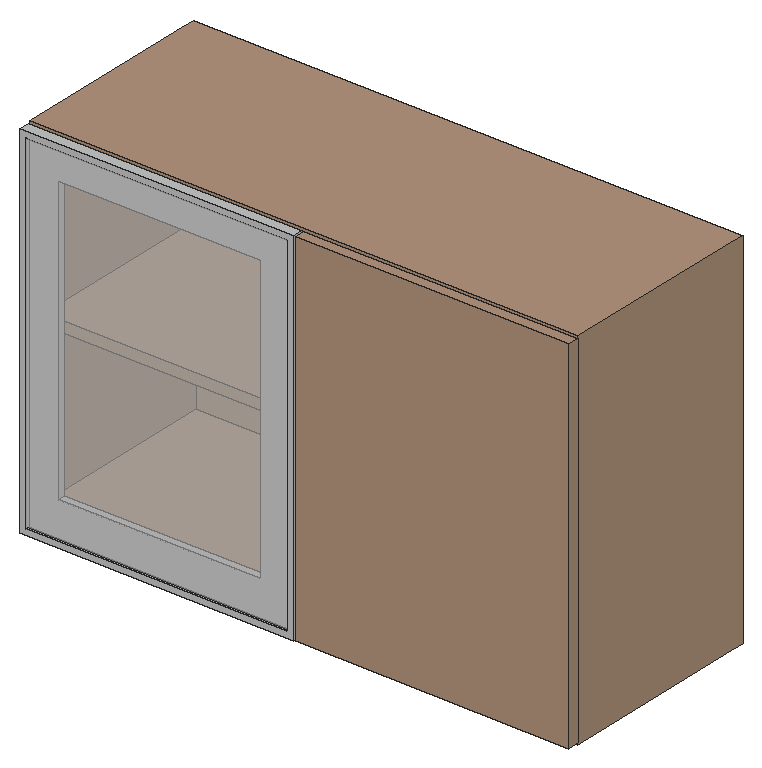
Revit family "Wall_Cabinets-Teknion-RHWCDG_Corner_Wall_Cabinet_with_Glass_Door-R2018", category Furniture, Revit 2018
Family settings
  OmniClass Number = 23.40.20.00
  OmniClass Title = General Furniture and Specialties
  Work Plane-Based = No
  Always vertical = Yes
  Cut with Voids When Loaded = No
  Shared = Yes
  Room Calculation Point = No
Parameters (values of type "15" Depth")
  Width [instance] = 36.000"
  Warranty = "http://www.teknion.com/ca/papers/legal-canada"
  Unit Weight URL = "http://www.teknion.com/ca/tools/assets#&asset=bee6a381-b954-425e-8283-5a2de3a804f2,f828d448-4b62-4231-9e5f-9a8991c0ed77"
  URL = "www.teknion.com"
  Two Shelf [instance] = Height = 36.000"  # no
  Top Height [instance] = if(Height = 36.000", 90.000", 84.000")  # 84.000"
  To render please download texture images found here [instance] = "https://assets.teknion.com/web/5e81352c1dfdb467/revit-material-swatches/"
  Sustainability Data = "https://www.teknion.com/ca/tools/assets#&topic=216f99a5-57a0-44fc-b10a-9dee9b29ae4c&asset=444deb64-fe58-4b68-981e-f75e97781df7,b4ff2d81-9f2e-437d-9659-7cffb09c31cf"
  Series = "Modular Cabinets"  # constant formula
  Product Page URL = "https://www.teknion.com/ca/products/product-details?productLineId=217e336e-8e7a-673b-a6c8-ff00004460c4"
  Product Line = "Modular Cabinets"  # constant formula
  Product Documentation Link = "https://www.teknion.com/pricing/modular-cabinets/pdfs/RHWCDG_ppg.pdf"
  Part Number = "RHWCDG"  # constant formula
  One Shelf [instance] = or(Height = 24.000", Height = 30.000")  # yes
  Model = "RHWCDG15_____"
  Manufacturer Phone = "416-661-3370"  # constant formula
  Manufacturer Fax = "416.661.4586"  # constant formula
  Manufacturer Contact Information = "http://www.teknion.com/ca/contactus"
  Manufacturer Address = "1150 Flint Road, Toronto, ON. M3J 2J5. Canada"  # constant formula
  Manufacturer = "Teknion"  # constant formula
  How To Use Teknion Materials User Guide [instance] = "https://assets.teknion.com/m/205dd0a49fa58060/original/How-to-add-a-Material-Library-and-Texture-Images-to-your-Revit-project.pdf"
  Height [instance] = 24.000"
  Glass Finish [instance] = Glass - Teknion - FT - Frosted Glass
  Frame Finish [instance] = Paint - Teknion - Mica - Platinum
  For Additional Finishes please visit [instance] = "https://assets.teknion.com/m/44a8009b046e5d47/original/Teknion_Materials_Library.zip"
  Fixed Panel Finish [instance] = Source Laminate - Teknion - 3M - Provincial Oak
  Double Door Swing Arc Radius [instance] = Width / 2  # 18.000"
  Description = "Corner Wall Cabinet with Glass Door, 15\" Depth"
  Depth = 15.000"
  Case and Shelf Finish [instance] = Source Laminate - Teknion - 3M - Provincial Oak
  Available Widths [instance] = "24, 27, 30, 33,and 36 Inches"  # constant formula
  Available Heights [instance] = "24, 30, and 36 Inches"  # constant formula
  Assembly Code = "E2020200"
Types (3): name | Model | Description | Depth
  (no name) | "RHWCDG15_____" | "Corner Wall Cabinet with Glass Door, 15\" Depth" | 15.000"
  12" Depth | "RHWCDG12_____" | "Corner Wall Cabinet with Glass Door, 12\" Depth" | 12.000"
  15" Depth | "RHWCDG15_____" | "Corner Wall Cabinet with Glass Door, 15\" Depth" | 15.000"
Reference planes (in)
  plane 1 "Center Front/Back": y = 0
  plane 2: z = 0
  plane 3 "Center Left/Right": x = 0
  plane 4 "Left": x = -18
  plane 5 "Right": x = 18
  plane 6 "Back": y = 7.5
  plane 7 "Front": y = -7.5
  plane 8 "Top": z = 84
  plane 9: y = -5.97244
  plane 10: z = 60
  plane 11: z = 61.70079
  plane 12: z = 72.85039
  plane 13: z = 76.56693
  plane 14: z = 69.13386
Forms (in)
  Sweep 1, solid, material "Source Laminate - Teknion - 3M - Provincial Oak" <- "Case and Shelf Finish"
    path origin (0, 0, 0) x (1, 0, 0) y (0, 1, 0)
      loop
        line (0, -5.97244) -> (0, 7.5)
    profile origin (0, 0.76378, 0) x (-1, 0, 0) y (0, 0, 1)
      loop
        line (18, 84) -> (-18, 84) -> (-18, 60) -> (18, 60) -> (18, 84)
      loop
        line (17.29921, 83.29921) -> (-17.29921, 83.29921) -> (-17.29921, 61.70079) -> (17.29921, 61.70079) -> (17.29921, 83.29921)
  Sweep 2, void
    path origin (0, 0, 0) x (1, 0, 0) y (0, 0, 1)
      loop
        line (0, 60) -> (0, 60.96457)
    profile origin (0, 0, 60.48228) x (-1, 0, 0) y (0, -1, 0)
      loop
        line (17.29921, 1.97244) -> (-17.29921, 1.97244) -> (-17.29921, -6.799) -> (17.29921, -6.799) -> (17.29921, 1.97244)
  Sweep 3, solid, material "Source Laminate - Teknion - 3M - Provincial Oak" <- "Case and Shelf Finish"
    path origin (0, 0, 0) x (1, 0, 0) y (0, 1, 0)
      loop
        line (0, 6.799) -> (0, 7.5)
    profile origin (0, 7.1495, 0) x (-1, 0, 0) y (0, 0, 1)
      loop
        line (18, 84) -> (-18, 84) -> (-18, 60) -> (18, 60) -> (18, 84)
  Sweep 4, solid, material "Source Laminate - Teknion - 3M - Provincial Oak" <- "Case and Shelf Finish", visible <- "One Shelf"
    path origin (0, 0, 0) x (1, 0, 0) y (0, 1, 0)
      loop
        line (0, -5.73622) -> (0, 6.799)
    profile origin (0, 0.53139, 0) x (-1, 0, 0) y (0, 0, 1)
      loop
        line (17.29921, 72.14961) -> (17.29921, 72.85039) -> (-17.29921, 72.85039) -> (-17.29921, 72.14961) -> (17.29921, 72.14961)
  Sweep 5, solid, material "Paint - Teknion - Mica - Platinum" <- "Frame Finish"
    path origin (0, 0, 0) x (1, 0, 0) y (0, 1, 0)
      loop
        line (0, -6.75197) -> (0, -6.05118)
    profile origin (0, -6.40157, 0) x (-1, 0, 0) y (0, 0, 1)
      loop
        line (18, 83.88189) -> (0.05906, 83.88189) -> (0.05906, 60.118) -> (18, 60.118) -> (18, 83.88189)
  Sweep 6, void
    path origin (0, 0, 0) x (1, 0, 0) y (0, 1, 0)
      loop
        line (0, -6.75197) -> (0, -5.97244)
    profile origin (0, -6.3622, 0) x (-1, 0, 0) y (0, 0, 1)
      loop
        line (15.672, 81.55389) -> (2.38706, 81.55389) -> (2.38706, 62.82) -> (15.672, 62.82) -> (15.672, 81.55389)
  Sweep 7, solid, material "Source Laminate - Teknion - 3M - Provincial Oak" <- "Fixed Panel Finish"
    path origin (0, 0, 0) x (1, 0, 0) y (0, 1, 0)
      loop
        line (0, -6.75197) -> (0, -6.05118)
    profile origin (0, -6.40157, 0) x (-1, 0, 0) y (0, 0, 1)
      loop
        line (-18, 83.88189) -> (-18, 60.118) -> (-0.05906, 60.118) -> (-0.05906, 83.88189) -> (-18, 83.88189)
  Sweep 8, solid, material "Source Laminate - Teknion - 3M - Provincial Oak" <- "Case and Shelf Finish", visible <- "Two Shelf"
    path origin (0, 0, 0) x (1, 0, 0) y (0, 1, 0)
      loop
        line (0, -5.73622) -> (0, 6.799)
    profile origin (0, 0.53139, 0) x (-1, 0, 0) y (0, 0, 1)
      loop
        line (17.29921, 69.13386) -> (-17.29921, 69.13386) -> (-17.29921, 68.43307) -> (17.29921, 68.43307) -> (17.29921, 69.13386)
      loop
        line (17.29921, 76.56693) -> (-17.29921, 76.56693) -> (-17.29921, 75.86614) -> (17.29921, 75.86614) -> (17.29921, 76.56693)
  Sweep 9, void
    path origin (0, 0, 0) x (1, 0, 0) y (0, 1, 0)
      loop
        line (0, -6.75197) -> (0, -6.51597)
    profile origin (0, -6.63397, 0) x (-1, 0, 0) y (0, 0, 1)
      loop
        line (17.626, 83.50789) -> (0.43306, 83.50789) -> (0.43306, 60.492) -> (17.626, 60.492) -> (17.626, 83.50789)
  Sweep 10, solid, material "Glass - Teknion - FT - Frosted Glass" <- "Glass Finish"
    path origin (0, 0, 0) x (1, 0, 0) y (0, 1, 0)
      loop
        line (0, -6.63397) -> (0, -6.51597)
    profile origin (0, -6.57497, 0) x (-1, 0, 0) y (0, 0, 1)
      loop
        line (17.626, 60.492) -> (17.626, 83.50789) -> (0.43306, 83.50789) -> (0.43306, 60.492) -> (17.626, 60.492)
Cuts and joins
  Sweep 2 cuts Sweep 1
  joined: Sweep 1, Sweep 3
  Sweep 6, Sweep 9 cuts Sweep 5
Lines and regions (in)
  Masking region 1
    outline origin (0, 0, 0) x (1, 0, 0) y (0, 1, 0)
      loop
        line (-18, 7.5) -> (-18, -5.97244) -> (18, -5.97244) -> (18, 7.5) -> (-18, 7.5)
  Masking region 2
    outline origin (0, 0, 0) x (1, 0, 0) y (0, 1, 0)
      loop
        line (-18, -6.05118) -> (-18, -6.75197) -> (-0.05906, -6.75197) -> (-0.05906, -6.05118) -> (-18, -6.05118)
  Masking region 3
    outline origin (0, 0, 0) x (1, 0, 0) y (0, 1, 0)
      loop
        line (0.05906, -6.05118) -> (0.05906, -6.75197) -> (18, -6.75197) -> (18, -6.05118) -> (0.05906, -6.05118)
  reference lines
    curve 1: line (18, 7.5, 0) -> (18, -6.75197, 0)
    curve 2: line (-18, 7.5, 0) -> (18, 7.5, 0)
    curve 3: line (-18, 7.5, 0) -> (-18, -6.75197, 0)
    curve 15: line (-18, -6.75197, 0) -> (18, -6.75197, 0)
  symbolic lines, style "FurnitureHiddenLines", detail levels medium+fine
    curve 4: line (-17.29921, 6.799, 0) -> (-17.29921, -5.97244, 0)
    curve 5: line (17.29921, 6.799, 0) -> (-17.29921, 6.799, 0)
    curve 6: line (17.29921, 6.799, 0) -> (17.29921, -5.97244, 0)
    curve 8: line (17.29921, -5.73622, 0) -> (-17.29921, -5.73622, 0)
    curve 11: line (-17.626, -6.63397, 0) -> (-0.43306, -6.63397, 0)
    curve 12: line (-0.43306, -6.63397, 0) -> (-0.43306, -6.51597, 0)
    curve 13: line (-0.43306, -6.51597, 0) -> (-17.626, -6.51597, 0)
    curve 14: line (-17.626, -6.51597, 0) -> (-17.626, -6.63397, 0)
  symbolic lines, style "FurnitureHiddenLines", detail levels fine
    curve 7: line (-17.29921, -1.97244, 0) -> (17.29921, -1.97244, 0)
  symbolic lines, style "FurnitureHiddenLines"
    curve 9: line (-18, -7.5, 83.88189) -> (-0.05906, -7.5, 71.99994)
    curve 10: line (-0.05906, -7.5, 71.99994) -> (-18, -7.5, 60.118)
Dimensions and locks (in)
  "Width": plane 4 "Left" to plane 5 "Right"
  "Depth": plane 6 "Back" to plane 7 "Front"
  "Top Height": plane 8 "Top" to level
  equal spacing: plane 4 "Left", plane 3 "Center Left/Right", plane 5 "Right"
  equal spacing: plane 6 "Back", plane 1 "Center Front/Back", plane 7 "Front"
  locked: plane 7 "Front" to plane 9 at 1.52756
  "Height": plane 8 "Top" to plane 10
  locked: Sweep 1 sketch curve to plane 4 "Left" at 0.70079
  locked: plane 8 "Top" to Sweep 1 sketch curve at 0.70079
  locked: Sweep 1 sketch curve to plane 5 "Right" at 0.70079
  locked: Sweep 1 sketch curve to plane 10 at 1.70079
  locked: Sweep 2 sketch curve to plane 10 at 0.96457
  locked: plane 6 "Back" to Sweep 2 sketch curve at 0.701
  locked: plane 4 "Left" to Sweep 2 sketch curve at 0.70079
  locked: Sweep 2 sketch curve to plane 5 "Right" at 0.70079
  locked: plane 9 to Sweep 2 sketch curve at 4
  locked: Sweep 3 sketch curve to Sweep 3 sketch curve at 0.701
  plane 4 "Left" to plane 3 "Center Left/Right" = 18.000"
  plane 3 "Center Left/Right" to plane 5 "Right" = 18.000"
  locked: plane 6 "Back" to Sweep 4 sketch curve at 0.701
  locked: plane 7 "Front" to Sweep 4 sketch curve at 1.76378
  locked: plane 11 to plane 10 at 1.70079
  equal spacing: plane 8 "Top", plane 12, plane 11
  locked: plane 12 to Sweep 4 sketch curve at 0.70079
  locked: Sweep 4 sketch curve to plane 4 "Left" at 0.70079
  locked: Sweep 4 sketch curve to plane 5 "Right" at 0.70079
  equal spacing: plane 8 "Top", plane 13, plane 14, plane 11
  plane 9 to Sweep 5 sketch curve to Sweep 5 sketch curve = 0.07874" locked, 0.70079" locked
  locked: Sweep 5 sketch curve to plane 10 at 0.118
  locked: plane 8 "Top" to Sweep 5 sketch curve at 0.11811
  locked: plane 3 "Center Left/Right" to Sweep 5 sketch curve at 0.05906
  Sweep 6 sketch curve to plane 9 to Sweep 6 sketch curve = 0.77953" locked, 0.000" locked
  locked: nested 1 to plane 9 at 0.07874
  locked: plane 4 "Left" to Masking region 2 sketch curve at 0
  locked: Masking region 2 sketch curve to plane 3 "Center Left/Right" at 0.05906
  Masking region 2 sketch curve to Masking region 2 sketch curve to plane 9 = 0.70079" locked, 0.07874" locked
  plane 9 to Sweep 7 sketch curve to Sweep 7 sketch curve = 0.07874" locked, 0.70079" locked
  locked: Sweep 7 sketch curve to plane 3 "Center Left/Right" at 0.05906
  locked: plane 8 "Top" to Sweep 7 sketch curve at 0.11811
  locked: Sweep 7 sketch curve to plane 10 at 0.118
  locked: plane 3 "Center Left/Right" to Masking region 3 sketch curve at 0.05906
  Masking region 3 sketch curve to Masking region 3 sketch curve to plane 9 = 0.70079" locked, 0.07874" locked
  locked: plane 6 "Back" to Sweep 8 sketch curve at 0.701
  locked: plane 9 to Sweep 8 sketch curve at 0.23622
  locked: Sweep 8 sketch curve to plane 4 "Left" at 0.70079  (x2)
  locked: Sweep 8 sketch curve to plane 5 "Right" at 0.70079  (x2)
  locked: plane 13 to Sweep 8 sketch curve at 0.70079
  locked: plane 14 to Sweep 8 sketch curve at 0.70079
  Sweep 9 sketch curve to Sweep 9 sketch curve to plane 9 = 0.236" locked, 0.54353" locked
  locked: plane 8 "Top" to Sweep 9 sketch curve at 0.49211
  locked: plane 3 "Center Left/Right" to Sweep 9 sketch curve at 0.43306
  locked: Sweep 9 sketch curve to plane 4 "Left" at 0.374
  locked: Sweep 9 sketch curve to plane 10 at 0.492
  locked: Sweep 6 sketch curve to plane 4 "Left" at 2.328
  locked: plane 3 "Center Left/Right" to Sweep 6 sketch curve at 2.38706
  locked: Sweep 6 sketch curve to plane 10 at 2.82
  locked: plane 8 "Top" to Sweep 6 sketch curve at 2.44611
  Sweep 10 sketch curve to Sweep 10 sketch curve to plane 9 = 0.118" locked, 0.54353" locked
  locked: Sweep 10 sketch curve to plane 4 "Left" at 0.374
  locked: plane 8 "Top" to Sweep 10 sketch curve at 0.49211
  locked: plane 3 "Center Left/Right" to Sweep 10 sketch curve at 0.43306
  locked: Sweep 10 sketch curve to plane 10 at 0.492
  aligned and locked: level to plane 2
  aligned and locked: plane 6 "Back" to Sweep 1 sketch curve
  aligned and locked: plane 3 "Center Left/Right" to Sweep 1 sketch curve
  aligned and locked: plane 4 "Left" to Sweep 1 sketch curve
  aligned and locked: Sweep 1 sketch curve to plane 8 "Top"
  aligned and locked: plane 5 "Right" to Sweep 1 sketch curve
  aligned and locked: plane 10 to Sweep 1 sketch curve
  aligned and locked: plane 9 to Sweep 1 sketch curve
  aligned and locked: plane 10 to Sweep 2 sketch curve
  aligned and locked: plane 3 "Center Left/Right" to Sweep 2 sketch curve
  aligned and locked: plane 6 "Back" to Sweep 3 sketch curve
  aligned and locked: plane 3 "Center Left/Right" to Sweep 3 sketch curve
  aligned and locked: plane 4 "Left" to Sweep 3 sketch curve
  aligned and locked: Sweep 3 sketch curve to plane 8 "Top"
  aligned and locked: plane 5 "Right" to Sweep 3 sketch curve
  aligned and locked: plane 10 to Sweep 3 sketch curve
  aligned and locked: plane 3 "Center Left/Right" to Sweep 4 sketch curve
  aligned and locked: Sweep 4 sketch curve to plane 12
  aligned and locked: plane 3 "Center Left/Right" to Sweep 5 sketch curve
  aligned and locked: plane 4 "Left" to Sweep 5 sketch curve
  aligned and locked: plane 3 "Center Left/Right" to Sweep 6 sketch curve
  aligned and locked: plane 5 "Right" to curve 1
  aligned and locked: curve 2 to plane 6 "Back"
  aligned and locked: curve 3 to plane 4 "Left"
  aligned and locked: Masking region 1 sketch curve to plane 6 "Back"
  aligned and locked: plane 4 "Left" to Masking region 1 sketch curve
  aligned and locked: plane 5 "Right" to Masking region 1 sketch curve
  aligned and locked: Masking region 1 sketch curve to plane 9
  aligned and locked: curve 6 to cut or joined group of Sweep 1, Sweep 2, Sweep 3
  aligned and locked: curve 7 to cut or joined group of Sweep 1, Sweep 2, Sweep 3
  aligned and locked: nested 1 to plane 3 "Center Left/Right"
  aligned and locked: curve 8 to Sweep 4
  aligned and locked: plane 3 "Center Left/Right" to Sweep 7 sketch curve
  aligned and locked: Sweep 7 sketch curve to plane 5 "Right"
  aligned and locked: plane 5 "Right" to Masking region 3 sketch curve
  aligned and locked: plane 3 "Center Left/Right" to Sweep 8 sketch curve
  aligned and locked: Sweep 8 sketch curve to plane 13
  aligned and locked: Sweep 8 sketch curve to plane 14
  aligned and locked: plane 3 "Center Left/Right" to Sweep 9 sketch curve
  aligned and locked: plane 3 "Center Left/Right" to Sweep 10 sketch curve
  aligned and locked: curve 11 to Sweep 10
  aligned and locked: curve 12 to Sweep 10
  aligned and locked: curve 13 to Sweep 10
  aligned and locked: curve 14 to Sweep 10
  aligned and locked: curve 15 to Sweep 7
Automatic sketch dimensions
  plane 9 to curve 4 = 0.000"
  plane 9 to curve 6 = 0.000"
  plane 4 "Left" to curve 5 = 0.70079"
  curve 5 to plane 6 "Back" = 0.701"
  curve 10 to plane 4 "Left" = 0.000"
  curve 9 to plane 4 "Left" = 0.000"
  curve 10 to plane 10 = 0.118"
  plane 3 "Center Left/Right" to curve 10 = 0.05906"
  curve 10 to plane 12 = 0.85045"
  plane 8 "Top" to curve 9 = 0.11811"
  curve 1 to plane 7 "Front" = 0.74803"
Nested families (in)
  nested 1: "Door-Swing_Symbol-Teknion-2D" at (-9, -6.05118, 0), Swing Width <- "Double Door Swing Arc Radius", type "Standard", detail levels fine
    with Swing Width 18.000", Door Thickness 0.701"
Definition of nested family "Door-Swing_Symbol-Teknion-2D"
  Parameters (values of type "Standard")
    Swing Width [instance] = 26.000"
    Door Thickness [instance] = 2.000"
    Assembly Code = ""
  Reference planes (in)
    plane 1 "Center (Front/Back)": y = 0
    plane 2: z = 0
    plane 3 "Center (Left/Right)": x = 0
    plane 4: x = -13
    plane 5: x = 13
  Lines and regions (in)
    Masking region 1, in view "Ref. Level"
      outline origin (0, 0, 0) x (1, 0, 0) y (0, 1, 0)
        loop
          line (11, 0) -> (11, -26) -> (13, -26) -> (13, 0) -> (11, 0)
    detail lines, in view "Ref. Level"
      curve 1: line (13, 0, 0) -> (13, -26, 0)
      curve 2: arc (-13, 0, 0) -> (-5.38478, -18.38478, 0) -> (13, -26, 0) r 26
  Dimensions and locks (in)
    equal spacing: plane 4, plane 3 "Center (Left/Right)", plane 5
    "Swing Width": plane 4 to plane 5
    "Swing Width": curve 1 to plane 1 "Center (Front/Back)"
    "Swing Width": Masking region 1 sketch curve to Masking region 1 sketch curve
    "Door Thickness": Masking region 1 sketch curve to Masking region 1 sketch curve
    "Swing Width": radius of curve 2
    aligned and locked: plane 1 "Center (Front/Back)" to curve 1
    aligned and locked: plane 1 "Center (Front/Back)" to Masking region 1 sketch curve
    aligned and locked: Masking region 1 sketch curve to plane 5
  Automatic sketch dimensions
    curve 2 to plane 4 = 0.000"
